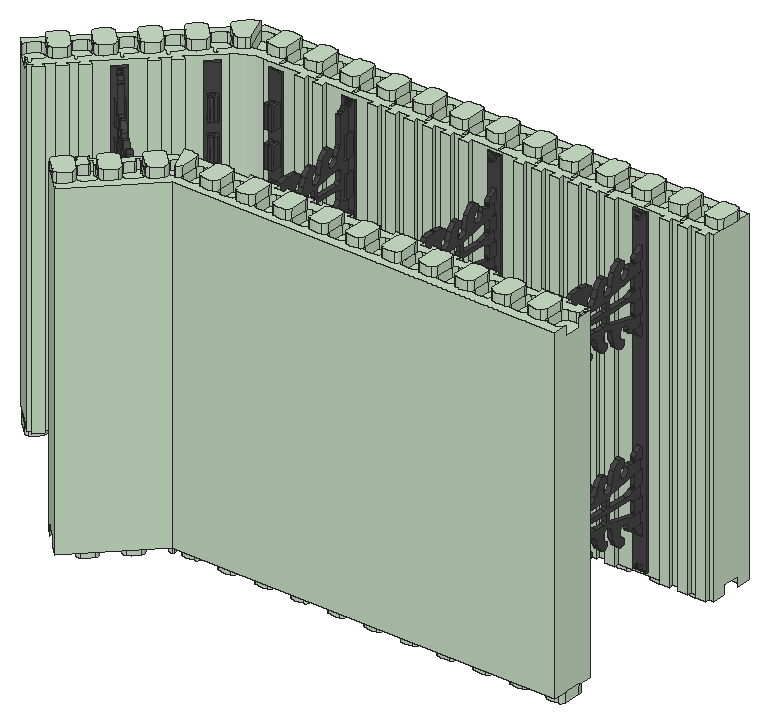
Revit family "ICF- NUDURA 8-inch- 45 Degree Form Unit- Imperial", category Generic Models, Revit 2011
Reference planes (in)
  plane 1 "Center (Front/Back)": y = 0
  plane 2: z = 0
  plane 3 "Center (Left/Right)": x = 0
  plane 4: y = 4
  plane 5: y = -4
  plane 6: through (-1.94975, 3.70711, 48) normal (0.7071, -0.7071, 0)
  plane 7: through (4.67464, 4.67464, 48) normal (0.7071, -0.7071, 0)
  plane 8: through (7.50307, 1.84621, 48) normal (0.7071, -0.7071, 0)
  plane 9: z = 18
Forms (in)
  Extrusion 1, solid, material "NUDURA Expanded Polystyrene Foam Insulation"
    sketch origin (0, 0, 0) x (1, 0, 0) y (0, 1, 0)
      loop
        line (-2.74416, 6.625) -> (-10.19068, -0.82151) -> (-8.5113, -2.50089) -> (-8.31249, -2.30208) -> (-8.17978, -2.52293) -> (-7.78216, -2.1253) -> (-8.00301, -1.9926) -> (-7.60538, -1.59497) -> (-7.47268, -1.81582) -> (-7.07505, -1.41819) -> (-7.2959, -1.28549) -> (-6.89827, -0.88786) -> (-6.76557, -1.10872) -> (-6.36794, -0.71109) -> (-6.58879, -0.57839) -> (-4.77695, 1.23346) -> (-4.64425, 1.0126) -> (-4.24662, 1.41023) -> (-4.46747, 1.54293) -> (-4.06985, 1.94056) -> (-3.93714, 1.71971) -> (-3.53952, 2.11734) -> (-3.76037, 2.25004) -> (-2.34619, 3.66421)
        arc (-2.34619, 3.66421) -> (-1.69735, 4.09776) -> (-0.93198, 4.25) r 2
        line (-0.93198, 4.25) -> (1.06796, 4.25) -> (1.00563, 4) -> (1.56796, 4) -> (1.50563, 4.25) -> (2.06796, 4.25) -> (2.00563, 4) -> (2.56796, 4) -> (2.50563, 4.25) -> (5.06796, 4.25) -> (5.00563, 4) -> (5.56796, 4) -> (5.50563, 4.25) -> (6.06796, 4.25) -> (6.00563, 4) -> (6.56796, 4) -> (6.50563, 4.25) -> (7.06796, 4.25) -> (7.00563, 4) -> (7.56796, 4) -> (7.50563, 4.25) -> (8.06796, 4.25) -> (8.00563, 4) -> (8.56796, 4) -> (8.50563, 4.25) -> (9.06796, 4.25) -> (9.00563, 4) -> (9.56796, 4) -> (9.50563, 4.25) -> (10.06796, 4.25) -> (10.00563, 4) -> (10.56796, 4) -> (10.50563, 4.25) -> (13.06796, 4.25) -> (13.00563, 4) -> (13.56796, 4) -> (13.50563, 4.25) -> (14.06796, 4.25) -> (14.00563, 4) -> (14.56796, 4) -> (14.50563, 4.25) -> (15.06796, 4.25) -> (15.00563, 4) -> (15.56796, 4) -> (15.50563, 4.25) -> (16.06796, 4.25) -> (16.00563, 4) -> (16.56796, 4) -> (16.50563, 4.25) -> (17.06796, 4.25) -> (17.00563, 4) -> (17.56796, 4) -> (17.50563, 4.25) -> (18.06796, 4.25) -> (18.00563, 4) -> (18.56796, 4) -> (18.50563, 4.25) -> (21.06796, 4.25) -> (21.00563, 4) -> (21.56796, 4) -> (21.50563, 4.25) -> (22.06796, 4.25) -> (22.00563, 4) -> (22.56796, 4) -> (22.50563, 4.25) -> (23.06796, 4.25) -> (23.00563, 4) -> (23.56796, 4) -> (23.50563, 4.25) -> (23.7868, 4.25) -> (23.7868, 6.625) -> (-2.74416, 6.625)
      loop
        line (23.7868, -4.25) -> (23.50563, -4.25) -> (23.56796, -4) -> (23.00563, -4) -> (23.06796, -4.25) -> (22.50563, -4.25) -> (22.56796, -4) -> (22.00563, -4) -> (22.06796, -4.25) -> (21.50563, -4.25) -> (21.56796, -4) -> (21.00563, -4) -> (21.06796, -4.25) -> (18.50563, -4.25) -> (18.56796, -4) -> (18.00563, -4) -> (18.06796, -4.25) -> (17.50563, -4.25) -> (17.56796, -4) -> (17.00563, -4) -> (17.06796, -4.25) -> (16.50563, -4.25) -> (16.56796, -4) -> (16.00563, -4) -> (16.06796, -4.25) -> (15.50563, -4.25) -> (15.56796, -4) -> (15.00563, -4) -> (15.06796, -4.25) -> (14.50563, -4.25) -> (14.56796, -4) -> (14.00563, -4) -> (14.06796, -4.25) -> (13.50563, -4.25) -> (13.56796, -4) -> (13.00563, -4) -> (13.06796, -4.25) -> (10.50563, -4.25) -> (10.56796, -4) -> (10.00563, -4) -> (10.06796, -4.25) -> (9.50563, -4.25) -> (9.56796, -4) -> (9.00563, -4) -> (9.06796, -4.25) -> (8.50563, -4.25) -> (8.56796, -4) -> (8.00563, -4) -> (8.06796, -4.25) -> (7.50563, -4.25) -> (7.56796, -4) -> (7.00563, -4) -> (7.06796, -4.25) -> (6.50563, -4.25) -> (6.56796, -4) -> (6.00563, -4) -> (6.06796, -4.25) -> (5.50563, -4.25) -> (5.56796, -4) -> (5.00563, -4) -> (5.06796, -4.25) -> (2.58883, -4.25)
        arc (2.58883, -4.25) -> (1.82347, -4.40224) -> (1.17462, -4.83579) r 2
        line (1.17462, -4.83579) -> (-0.57839, -6.58879) -> (-0.71109, -6.36794) -> (-1.10872, -6.76557) -> (-0.88786, -6.89827) -> (-1.28549, -7.2959) -> (-1.41819, -7.07505) -> (-1.81582, -7.47268) -> (-1.59497, -7.60538) -> (-1.9926, -8.00301) -> (-2.1253, -7.78216) -> (-2.52293, -8.17978) -> (-2.30208, -8.31249) -> (-2.50089, -8.5113) -> (-0.82151, -10.19068) -> (2.74416, -6.625) -> (23.7868, -6.625) -> (23.7868, -4.25)
    from 0 to 18
  Extrusion 2, solid, material "NUDURA Expanded Polystyrene Foam Insulation"
    sketch origin (-0.41421, -1, 0) x (1, 0, 0) y (0, 1, 0)
      loop
        line (2.70101, -3.6875) -> (2.35584, -3.6875) -> (2.96352, -5.15456)
        arc (2.96352, -5.15456) -> (2.99587, -5.14577) -> (3.02793, -5.13595) r 1.0625
        arc (3.02793, -5.13595) -> (3.15316, -5.04517) -> (3.20101, -4.89808) r 0.25
        line (3.20101, -4.89808) -> (3.20101, -3.97692)
        arc (3.20101, -3.97692) -> (3.15316, -3.82983) -> (3.02793, -3.73905) r 0.25
        arc (3.02793, -3.73905) -> (2.86649, -3.70047) -> (2.70101, -3.6875) r 1.0625
    from 18 to 18.5
  Extrusion 3, solid, material "NUDURA Expanded Polystyrene Foam Insulation"
    sketch origin (-0.41421, 1, 0) x (1, 0, 0) y (0, 1, 0)
      loop
        line (-1.52741, 3.6875) -> (-2.09947, 5.06856)
        arc (-2.09947, 5.06856) -> (-2.3696, 4.92417) -> (-2.60638, 4.72985) r 1.5625
        line (-2.60638, 4.72985) -> (-2.74959, 4.58664)
        arc (-2.74959, 4.58664) -> (-2.85744, 4.46046) -> (-2.94431, 4.31902) r 1.0625
        arc (-2.94431, 4.31902) -> (-2.96867, 4.16628) -> (-2.8985, 4.02844) r 0.25
        line (-2.8985, 4.02844) -> (-2.24713, 3.37708)
        arc (-2.24713, 3.37708) -> (-2.10929, 3.3069) -> (-1.95655, 3.33126) r 0.25
        arc (-1.95655, 3.33126) -> (-1.81511, 3.41814) -> (-1.68893, 3.52598) r 1.0625
        line (-1.68893, 3.52598) -> (-1.52741, 3.6875)
    from 18 to 18.5
  Extrusion 4, solid, material "NUDURA Expanded Polystyrene Foam Insulation"
    sketch origin (-0.41421, 1, 0) x (1, 0, 0) y (0, 1, 0)
      loop
        line (-1.52741, 3.6875) -> (-1.29899, 3.6875)
        arc (-1.29899, 3.6875) -> (-1.13351, 3.70047) -> (-0.97207, 3.73905) r 1.0625
        arc (-0.97207, 3.73905) -> (-0.84684, 3.82983) -> (-0.79899, 3.97692) r 0.25
        line (-0.79899, 3.97692) -> (-0.79899, 4.89808)
        arc (-0.79899, 4.89808) -> (-0.84684, 5.04517) -> (-0.97207, 5.13595) r 0.25
        arc (-0.97207, 5.13595) -> (-1.13351, 5.17453) -> (-1.29899, 5.1875) r 1.0625
        line (-1.29899, 5.1875) -> (-1.50152, 5.1875)
        arc (-1.50152, 5.1875) -> (-1.80635, 5.15748) -> (-2.09947, 5.06856) r 1.5625
        line (-2.09947, 5.06856) -> (-1.52741, 3.6875)
    from 0 to -0.5
  Extrusion 5, solid, material "NUDURA Expanded Polystyrene Foam Insulation"
    sketch origin (1, -0.41421, 0) x (1, 0, 0) y (0, 1, 0)
      loop
        line (0.54865, -5.07556) -> (1.20001, -5.72692)
        arc (1.20001, -5.72692) -> (1.33785, -5.7971) -> (1.4906, -5.77274) r 0.25
        arc (1.4906, -5.77274) -> (1.5202, -5.75701) -> (1.5493, -5.74035) r 1.0625
        line (1.5493, -5.74035) -> (0.94163, -4.27329) -> (0.69755, -4.51736)
        arc (0.69755, -4.51736) -> (0.58971, -4.64354) -> (0.50283, -4.78498) r 1.0625
        arc (0.50283, -4.78498) -> (0.47848, -4.93772) -> (0.54865, -5.07556) r 0.25
    from 0 to -0.5
  Extrusion 6, void
    sketch origin (1, -0.41421, 0) x (1, 0, 0) y (0, 1, 0)
      loop
        arc (-1.33783, -8.60117) -> (-1.07021, -8.40645) -> (-0.87549, -8.13883) r 1.0625
        arc (-0.87549, -8.13883) -> (-0.85114, -7.98608) -> (-0.92131, -7.84824) r 0.25
        line (-0.92131, -7.84824) -> (-1.57267, -7.19688)
        arc (-1.57267, -7.19688) -> (-1.64938, -7.14456) -> (-1.7399, -7.12384) r 0.25
        arc (-1.7399, -7.12384) -> (-1.76253, -7.11866) -> (-1.78171, -7.10558) r 0.0625
        line (-1.78171, -7.10558) -> (-2.02643, -6.86086) -> (-2.14723, -6.98165) -> (-1.99053, -7.13835)
        arc (-1.99053, -7.13835) -> (-1.97244, -7.18765) -> (-1.99833, -7.23335) r 0.0625
        arc (-1.99833, -7.23335) -> (-2.18471, -7.40379) -> (-2.32559, -7.6134) r 1.0625
        arc (-2.32559, -7.6134) -> (-2.34995, -7.76615) -> (-2.27978, -7.90399) r 0.25
        line (-2.27978, -7.90399) -> (-1.62842, -8.55535)
        arc (-1.62842, -8.55535) -> (-1.49058, -8.62552) -> (-1.33783, -8.60117) r 0.25
    from 18 to 17.5
  Extrusion 7, void
    sketch origin (2.41421, 1, 0) x (1, 0, 0) y (0, 1, 0)
      loop
        arc (-1.33783, -8.60117) -> (-1.07021, -8.40645) -> (-0.87549, -8.13883) r 1.0625
        arc (-0.87549, -8.13883) -> (-0.85114, -7.98608) -> (-0.92131, -7.84824) r 0.25
        line (-0.92131, -7.84824) -> (-1.57267, -7.19688)
        arc (-1.57267, -7.19688) -> (-1.64938, -7.14456) -> (-1.7399, -7.12384) r 0.25
        arc (-1.7399, -7.12384) -> (-1.76253, -7.11866) -> (-1.78171, -7.10558) r 0.0625
        line (-1.78171, -7.10558) -> (-2.02643, -6.86086) -> (-2.14723, -6.98165) -> (-1.99053, -7.13835)
        arc (-1.99053, -7.13835) -> (-1.97244, -7.18765) -> (-1.99833, -7.23335) r 0.0625
        arc (-1.99833, -7.23335) -> (-2.18471, -7.40379) -> (-2.32559, -7.6134) r 1.0625
        arc (-2.32559, -7.6134) -> (-2.34995, -7.76615) -> (-2.27978, -7.90399) r 0.25
        line (-2.27978, -7.90399) -> (-1.62842, -8.55535)
        arc (-1.62842, -8.55535) -> (-1.49058, -8.62552) -> (-1.33783, -8.60117) r 0.25
    from 18 to 17.5
  Extrusion 8, void
    sketch origin (9.98781, -1, 0) x (0.707107, -0.707107, 0) y (0.707107, 0.707107, 0)
      loop
        arc (-1.33783, -8.60117) -> (-1.07021, -8.40645) -> (-0.87549, -8.13883) r 1.0625
        arc (-0.87549, -8.13883) -> (-0.85114, -7.98608) -> (-0.92131, -7.84824) r 0.25
        line (-0.92131, -7.84824) -> (-1.57267, -7.19688)
        arc (-1.57267, -7.19688) -> (-1.64938, -7.14456) -> (-1.7399, -7.12384) r 0.25
        arc (-1.7399, -7.12384) -> (-1.76253, -7.11866) -> (-1.78171, -7.10558) r 0.0625
        line (-1.78171, -7.10558) -> (-2.02643, -6.86086) -> (-2.14723, -6.98165) -> (-1.99053, -7.13835)
        arc (-1.99053, -7.13835) -> (-1.97244, -7.18765) -> (-1.99833, -7.23335) r 0.0625
        arc (-1.99833, -7.23335) -> (-2.18471, -7.40379) -> (-2.32559, -7.6134) r 1.0625
        arc (-2.32559, -7.6134) -> (-2.34995, -7.76615) -> (-2.27978, -7.90399) r 0.25
        line (-2.27978, -7.90399) -> (-1.62842, -8.55535)
        arc (-1.62842, -8.55535) -> (-1.49058, -8.62552) -> (-1.33783, -8.60117) r 0.25
    from 18 to 17.5
  Extrusion 9, void
    sketch origin (11.98781, -1, 0) x (0.707107, -0.707107, 0) y (0.707107, 0.707107, 0)
      loop
        arc (-1.33783, -8.60117) -> (-1.07021, -8.40645) -> (-0.87549, -8.13883) r 1.0625
        arc (-0.87549, -8.13883) -> (-0.85114, -7.98608) -> (-0.92131, -7.84824) r 0.25
        line (-0.92131, -7.84824) -> (-1.57267, -7.19688)
        arc (-1.57267, -7.19688) -> (-1.64938, -7.14456) -> (-1.7399, -7.12384) r 0.25
        arc (-1.7399, -7.12384) -> (-1.76253, -7.11866) -> (-1.78171, -7.10558) r 0.0625
        line (-1.78171, -7.10558) -> (-2.02643, -6.86086) -> (-2.14723, -6.98165) -> (-1.99053, -7.13835)
        arc (-1.99053, -7.13835) -> (-1.97244, -7.18765) -> (-1.99833, -7.23335) r 0.0625
        arc (-1.99833, -7.23335) -> (-2.18471, -7.40379) -> (-2.32559, -7.6134) r 1.0625
        arc (-2.32559, -7.6134) -> (-2.34995, -7.76615) -> (-2.27978, -7.90399) r 0.25
        line (-2.27978, -7.90399) -> (-1.62842, -8.55535)
        arc (-1.62842, -8.55535) -> (-1.49058, -8.62552) -> (-1.33783, -8.60117) r 0.25
    from 18 to 17.5
  Extrusion 10, void
    sketch origin (13.98781, -1, 0) x (0.707107, -0.707107, 0) y (0.707107, 0.707107, 0)
      loop
        arc (-1.33783, -8.60117) -> (-1.07021, -8.40645) -> (-0.87549, -8.13883) r 1.0625
        arc (-0.87549, -8.13883) -> (-0.85114, -7.98608) -> (-0.92131, -7.84824) r 0.25
        line (-0.92131, -7.84824) -> (-1.57267, -7.19688)
        arc (-1.57267, -7.19688) -> (-1.64938, -7.14456) -> (-1.7399, -7.12384) r 0.25
        arc (-1.7399, -7.12384) -> (-1.76253, -7.11866) -> (-1.78171, -7.10558) r 0.0625
        line (-1.78171, -7.10558) -> (-2.02643, -6.86086) -> (-2.14723, -6.98165) -> (-1.99053, -7.13835)
        arc (-1.99053, -7.13835) -> (-1.97244, -7.18765) -> (-1.99833, -7.23335) r 0.0625
        arc (-1.99833, -7.23335) -> (-2.18471, -7.40379) -> (-2.32559, -7.6134) r 1.0625
        arc (-2.32559, -7.6134) -> (-2.34995, -7.76615) -> (-2.27978, -7.90399) r 0.25
        line (-2.27978, -7.90399) -> (-1.62842, -8.55535)
        arc (-1.62842, -8.55535) -> (-1.49058, -8.62552) -> (-1.33783, -8.60117) r 0.25
    from 18 to 17.5
  Extrusion 11, void
    sketch origin (15.98781, -1, 0) x (0.707107, -0.707107, 0) y (0.707107, 0.707107, 0)
      loop
        arc (-1.33783, -8.60117) -> (-1.07021, -8.40645) -> (-0.87549, -8.13883) r 1.0625
        arc (-0.87549, -8.13883) -> (-0.85114, -7.98608) -> (-0.92131, -7.84824) r 0.25
        line (-0.92131, -7.84824) -> (-1.57267, -7.19688)
        arc (-1.57267, -7.19688) -> (-1.64938, -7.14456) -> (-1.7399, -7.12384) r 0.25
        arc (-1.7399, -7.12384) -> (-1.76253, -7.11866) -> (-1.78171, -7.10558) r 0.0625
        line (-1.78171, -7.10558) -> (-2.02643, -6.86086) -> (-2.14723, -6.98165) -> (-1.99053, -7.13835)
        arc (-1.99053, -7.13835) -> (-1.97244, -7.18765) -> (-1.99833, -7.23335) r 0.0625
        arc (-1.99833, -7.23335) -> (-2.18471, -7.40379) -> (-2.32559, -7.6134) r 1.0625
        arc (-2.32559, -7.6134) -> (-2.34995, -7.76615) -> (-2.27978, -7.90399) r 0.25
        line (-2.27978, -7.90399) -> (-1.62842, -8.55535)
        arc (-1.62842, -8.55535) -> (-1.49058, -8.62552) -> (-1.33783, -8.60117) r 0.25
    from 18 to 17.5
  Extrusion 12, void
    sketch origin (17.98781, -1, 0) x (0.707107, -0.707107, 0) y (0.707107, 0.707107, 0)
      loop
        arc (-1.33783, -8.60117) -> (-1.07021, -8.40645) -> (-0.87549, -8.13883) r 1.0625
        arc (-0.87549, -8.13883) -> (-0.85114, -7.98608) -> (-0.92131, -7.84824) r 0.25
        line (-0.92131, -7.84824) -> (-1.57267, -7.19688)
        arc (-1.57267, -7.19688) -> (-1.64938, -7.14456) -> (-1.7399, -7.12384) r 0.25
        arc (-1.7399, -7.12384) -> (-1.76253, -7.11866) -> (-1.78171, -7.10558) r 0.0625
        line (-1.78171, -7.10558) -> (-2.02643, -6.86086) -> (-2.14723, -6.98165) -> (-1.99053, -7.13835)
        arc (-1.99053, -7.13835) -> (-1.97244, -7.18765) -> (-1.99833, -7.23335) r 0.0625
        arc (-1.99833, -7.23335) -> (-2.18471, -7.40379) -> (-2.32559, -7.6134) r 1.0625
        arc (-2.32559, -7.6134) -> (-2.34995, -7.76615) -> (-2.27978, -7.90399) r 0.25
        line (-2.27978, -7.90399) -> (-1.62842, -8.55535)
        arc (-1.62842, -8.55535) -> (-1.49058, -8.62552) -> (-1.33783, -8.60117) r 0.25
    from 18 to 17.5
  Extrusion 13, void
    sketch origin (19.98781, -1, 0) x (0.707107, -0.707107, 0) y (0.707107, 0.707107, 0)
      loop
        arc (-1.33783, -8.60117) -> (-1.07021, -8.40645) -> (-0.87549, -8.13883) r 1.0625
        arc (-0.87549, -8.13883) -> (-0.85114, -7.98608) -> (-0.92131, -7.84824) r 0.25
        line (-0.92131, -7.84824) -> (-1.57267, -7.19688)
        arc (-1.57267, -7.19688) -> (-1.64938, -7.14456) -> (-1.7399, -7.12384) r 0.25
        arc (-1.7399, -7.12384) -> (-1.76253, -7.11866) -> (-1.78171, -7.10558) r 0.0625
        line (-1.78171, -7.10558) -> (-2.02643, -6.86086) -> (-2.14723, -6.98165) -> (-1.99053, -7.13835)
        arc (-1.99053, -7.13835) -> (-1.97244, -7.18765) -> (-1.99833, -7.23335) r 0.0625
        arc (-1.99833, -7.23335) -> (-2.18471, -7.40379) -> (-2.32559, -7.6134) r 1.0625
        arc (-2.32559, -7.6134) -> (-2.34995, -7.76615) -> (-2.27978, -7.90399) r 0.25
        line (-2.27978, -7.90399) -> (-1.62842, -8.55535)
        arc (-1.62842, -8.55535) -> (-1.49058, -8.62552) -> (-1.33783, -8.60117) r 0.25
    from 18 to 17.5
  Extrusion 14, void
    sketch origin (21.98781, -1, 0) x (0.707107, -0.707107, 0) y (0.707107, 0.707107, 0)
      loop
        arc (-1.33783, -8.60117) -> (-1.07021, -8.40645) -> (-0.87549, -8.13883) r 1.0625
        arc (-0.87549, -8.13883) -> (-0.85114, -7.98608) -> (-0.92131, -7.84824) r 0.25
        line (-0.92131, -7.84824) -> (-1.57267, -7.19688)
        arc (-1.57267, -7.19688) -> (-1.64938, -7.14456) -> (-1.7399, -7.12384) r 0.25
        arc (-1.7399, -7.12384) -> (-1.76253, -7.11866) -> (-1.78171, -7.10558) r 0.0625
        line (-1.78171, -7.10558) -> (-2.02643, -6.86086) -> (-2.14723, -6.98165) -> (-1.99053, -7.13835)
        arc (-1.99053, -7.13835) -> (-1.97244, -7.18765) -> (-1.99833, -7.23335) r 0.0625
        arc (-1.99833, -7.23335) -> (-2.18471, -7.40379) -> (-2.32559, -7.6134) r 1.0625
        arc (-2.32559, -7.6134) -> (-2.34995, -7.76615) -> (-2.27978, -7.90399) r 0.25
        line (-2.27978, -7.90399) -> (-1.62842, -8.55535)
        arc (-1.62842, -8.55535) -> (-1.49058, -8.62552) -> (-1.33783, -8.60117) r 0.25
    from 18 to 17.5
  Extrusion 15, void
    sketch origin (23.98781, -1, 0) x (0.707107, -0.707107, 0) y (0.707107, 0.707107, 0)
      loop
        arc (-1.33783, -8.60117) -> (-1.07021, -8.40645) -> (-0.87549, -8.13883) r 1.0625
        arc (-0.87549, -8.13883) -> (-0.85114, -7.98608) -> (-0.92131, -7.84824) r 0.25
        line (-0.92131, -7.84824) -> (-1.57267, -7.19688)
        arc (-1.57267, -7.19688) -> (-1.64938, -7.14456) -> (-1.7399, -7.12384) r 0.25
        arc (-1.7399, -7.12384) -> (-1.76253, -7.11866) -> (-1.78171, -7.10558) r 0.0625
        line (-1.78171, -7.10558) -> (-2.02643, -6.86086) -> (-2.14723, -6.98165) -> (-1.99053, -7.13835)
        arc (-1.99053, -7.13835) -> (-1.97244, -7.18765) -> (-1.99833, -7.23335) r 0.0625
        arc (-1.99833, -7.23335) -> (-2.18471, -7.40379) -> (-2.32559, -7.6134) r 1.0625
        arc (-2.32559, -7.6134) -> (-2.34995, -7.76615) -> (-2.27978, -7.90399) r 0.25
        line (-2.27978, -7.90399) -> (-1.62842, -8.55535)
        arc (-1.62842, -8.55535) -> (-1.49058, -8.62552) -> (-1.33783, -8.60117) r 0.25
    from 18 to 17.5
  Extrusion 16, void
    sketch origin (25.98781, -1, 0) x (0.707107, -0.707107, 0) y (0.707107, 0.707107, 0)
      loop
        arc (-1.33783, -8.60117) -> (-1.07021, -8.40645) -> (-0.87549, -8.13883) r 1.0625
        arc (-0.87549, -8.13883) -> (-0.85114, -7.98608) -> (-0.92131, -7.84824) r 0.25
        line (-0.92131, -7.84824) -> (-1.57267, -7.19688)
        arc (-1.57267, -7.19688) -> (-1.64938, -7.14456) -> (-1.7399, -7.12384) r 0.25
        arc (-1.7399, -7.12384) -> (-1.76253, -7.11866) -> (-1.78171, -7.10558) r 0.0625
        line (-1.78171, -7.10558) -> (-2.02643, -6.86086) -> (-2.14723, -6.98165) -> (-1.99053, -7.13835)
        arc (-1.99053, -7.13835) -> (-1.97244, -7.18765) -> (-1.99833, -7.23335) r 0.0625
        arc (-1.99833, -7.23335) -> (-2.18471, -7.40379) -> (-2.32559, -7.6134) r 1.0625
        arc (-2.32559, -7.6134) -> (-2.34995, -7.76615) -> (-2.27978, -7.90399) r 0.25
        line (-2.27978, -7.90399) -> (-1.62842, -8.55535)
        arc (-1.62842, -8.55535) -> (-1.49058, -8.62552) -> (-1.33783, -8.60117) r 0.25
    from 18 to 17.5
  Extrusion 17, void
    sketch origin (27.98781, -1, 0) x (0.707107, -0.707107, 0) y (0.707107, 0.707107, 0)
      loop
        arc (-1.33783, -8.60117) -> (-1.07021, -8.40645) -> (-0.87549, -8.13883) r 1.0625
        arc (-0.87549, -8.13883) -> (-0.85114, -7.98608) -> (-0.92131, -7.84824) r 0.25
        line (-0.92131, -7.84824) -> (-1.57267, -7.19688)
        arc (-1.57267, -7.19688) -> (-1.64938, -7.14456) -> (-1.7399, -7.12384) r 0.25
        arc (-1.7399, -7.12384) -> (-1.76253, -7.11866) -> (-1.78171, -7.10558) r 0.0625
        line (-1.78171, -7.10558) -> (-2.02643, -6.86086) -> (-2.14723, -6.98165) -> (-1.99053, -7.13835)
        arc (-1.99053, -7.13835) -> (-1.97244, -7.18765) -> (-1.99833, -7.23335) r 0.0625
        arc (-1.99833, -7.23335) -> (-2.18471, -7.40379) -> (-2.32559, -7.6134) r 1.0625
        arc (-2.32559, -7.6134) -> (-2.34995, -7.76615) -> (-2.27978, -7.90399) r 0.25
        line (-2.27978, -7.90399) -> (-1.62842, -8.55535)
        arc (-1.62842, -8.55535) -> (-1.49058, -8.62552) -> (-1.33783, -8.60117) r 0.25
    from 18 to 17.5
  Extrusion 18, void
    sketch origin (29.98781, -1, 0) x (0.707107, -0.707107, 0) y (0.707107, 0.707107, 0)
      loop
        arc (-1.33783, -8.60117) -> (-1.07021, -8.40645) -> (-0.87549, -8.13883) r 1.0625
        arc (-0.87549, -8.13883) -> (-0.85114, -7.98608) -> (-0.92131, -7.84824) r 0.25
        line (-0.92131, -7.84824) -> (-1.57267, -7.19688)
        arc (-1.57267, -7.19688) -> (-1.64938, -7.14456) -> (-1.7399, -7.12384) r 0.25
        arc (-1.7399, -7.12384) -> (-1.76253, -7.11866) -> (-1.78171, -7.10558) r 0.0625
        line (-1.78171, -7.10558) -> (-2.02643, -6.86086) -> (-2.14723, -6.98165) -> (-1.99053, -7.13835)
        arc (-1.99053, -7.13835) -> (-1.97244, -7.18765) -> (-1.99833, -7.23335) r 0.0625
        arc (-1.99833, -7.23335) -> (-2.18471, -7.40379) -> (-2.32559, -7.6134) r 1.0625
        arc (-2.32559, -7.6134) -> (-2.34995, -7.76615) -> (-2.27978, -7.90399) r 0.25
        line (-2.27978, -7.90399) -> (-1.62842, -8.55535)
        arc (-1.62842, -8.55535) -> (-1.49058, -8.62552) -> (-1.33783, -8.60117) r 0.25
    from 18 to 17.5
  Extrusion 19, void
    sketch origin (13.58579, 1, 0) x (-0.707107, 0.707107, 0) y (-0.707107, -0.707107, 0)
      loop
        arc (-1.33783, -8.60117) -> (-1.07021, -8.40645) -> (-0.87549, -8.13883) r 1.0625
        arc (-0.87549, -8.13883) -> (-0.85114, -7.98608) -> (-0.92131, -7.84824) r 0.25
        line (-0.92131, -7.84824) -> (-1.57267, -7.19688)
        arc (-1.57267, -7.19688) -> (-1.64938, -7.14456) -> (-1.7399, -7.12384) r 0.25
        arc (-1.7399, -7.12384) -> (-1.76253, -7.11866) -> (-1.78171, -7.10558) r 0.0625
        line (-1.78171, -7.10558) -> (-2.02643, -6.86086) -> (-2.14723, -6.98165) -> (-1.99053, -7.13835)
        arc (-1.99053, -7.13835) -> (-1.97244, -7.18765) -> (-1.99833, -7.23335) r 0.0625
        arc (-1.99833, -7.23335) -> (-2.18471, -7.40379) -> (-2.32559, -7.6134) r 1.0625
        arc (-2.32559, -7.6134) -> (-2.34995, -7.76615) -> (-2.27978, -7.90399) r 0.25
        line (-2.27978, -7.90399) -> (-1.62842, -8.55535)
        arc (-1.62842, -8.55535) -> (-1.49058, -8.62552) -> (-1.33783, -8.60117) r 0.25
    from 18 to 17.5
  Extrusion 20, void
    sketch origin (15.58579, 1, 0) x (-0.707107, 0.707107, 0) y (-0.707107, -0.707107, 0)
      loop
        arc (-1.33783, -8.60117) -> (-1.07021, -8.40645) -> (-0.87549, -8.13883) r 1.0625
        arc (-0.87549, -8.13883) -> (-0.85114, -7.98608) -> (-0.92131, -7.84824) r 0.25
        line (-0.92131, -7.84824) -> (-1.57267, -7.19688)
        arc (-1.57267, -7.19688) -> (-1.64938, -7.14456) -> (-1.7399, -7.12384) r 0.25
        arc (-1.7399, -7.12384) -> (-1.76253, -7.11866) -> (-1.78171, -7.10558) r 0.0625
        line (-1.78171, -7.10558) -> (-2.02643, -6.86086) -> (-2.14723, -6.98165) -> (-1.99053, -7.13835)
        arc (-1.99053, -7.13835) -> (-1.97244, -7.18765) -> (-1.99833, -7.23335) r 0.0625
        arc (-1.99833, -7.23335) -> (-2.18471, -7.40379) -> (-2.32559, -7.6134) r 1.0625
        arc (-2.32559, -7.6134) -> (-2.34995, -7.76615) -> (-2.27978, -7.90399) r 0.25
        line (-2.27978, -7.90399) -> (-1.62842, -8.55535)
        arc (-1.62842, -8.55535) -> (-1.49058, -8.62552) -> (-1.33783, -8.60117) r 0.25
    from 18 to 17.5
  Extrusion 21, void
    sketch origin (11.58579, 1, 0) x (-0.707107, 0.707107, 0) y (-0.707107, -0.707107, 0)
      loop
        arc (-1.33783, -8.60117) -> (-1.07021, -8.40645) -> (-0.87549, -8.13883) r 1.0625
        arc (-0.87549, -8.13883) -> (-0.85114, -7.98608) -> (-0.92131, -7.84824) r 0.25
        line (-0.92131, -7.84824) -> (-1.57267, -7.19688)
        arc (-1.57267, -7.19688) -> (-1.64938, -7.14456) -> (-1.7399, -7.12384) r 0.25
        arc (-1.7399, -7.12384) -> (-1.76253, -7.11866) -> (-1.78171, -7.10558) r 0.0625
        line (-1.78171, -7.10558) -> (-2.02643, -6.86086) -> (-2.14723, -6.98165) -> (-1.99053, -7.13835)
        arc (-1.99053, -7.13835) -> (-1.97244, -7.18765) -> (-1.99833, -7.23335) r 0.0625
        arc (-1.99833, -7.23335) -> (-2.18471, -7.40379) -> (-2.32559, -7.6134) r 1.0625
        arc (-2.32559, -7.6134) -> (-2.34995, -7.76615) -> (-2.27978, -7.90399) r 0.25
        line (-2.27978, -7.90399) -> (-1.62842, -8.55535)
        arc (-1.62842, -8.55535) -> (-1.49058, -8.62552) -> (-1.33783, -8.60117) r 0.25
    from 18 to 17.5
  Extrusion 22, void
    sketch origin (9.58579, 1, 0) x (-0.707107, 0.707107, 0) y (-0.707107, -0.707107, 0)
      loop
        arc (-1.33783, -8.60117) -> (-1.07021, -8.40645) -> (-0.87549, -8.13883) r 1.0625
        arc (-0.87549, -8.13883) -> (-0.85114, -7.98608) -> (-0.92131, -7.84824) r 0.25
        line (-0.92131, -7.84824) -> (-1.57267, -7.19688)
        arc (-1.57267, -7.19688) -> (-1.64938, -7.14456) -> (-1.7399, -7.12384) r 0.25
        arc (-1.7399, -7.12384) -> (-1.76253, -7.11866) -> (-1.78171, -7.10558) r 0.0625
        line (-1.78171, -7.10558) -> (-2.02643, -6.86086) -> (-2.14723, -6.98165) -> (-1.99053, -7.13835)
        arc (-1.99053, -7.13835) -> (-1.97244, -7.18765) -> (-1.99833, -7.23335) r 0.0625
        arc (-1.99833, -7.23335) -> (-2.18471, -7.40379) -> (-2.32559, -7.6134) r 1.0625
        arc (-2.32559, -7.6134) -> (-2.34995, -7.76615) -> (-2.27978, -7.90399) r 0.25
        line (-2.27978, -7.90399) -> (-1.62842, -8.55535)
        arc (-1.62842, -8.55535) -> (-1.49058, -8.62552) -> (-1.33783, -8.60117) r 0.25
    from 18 to 17.5
  Extrusion 23, void
    sketch origin (7.58579, 1, 0) x (-0.707107, 0.707107, 0) y (-0.707107, -0.707107, 0)
      loop
        arc (-1.33783, -8.60117) -> (-1.07021, -8.40645) -> (-0.87549, -8.13883) r 1.0625
        arc (-0.87549, -8.13883) -> (-0.85114, -7.98608) -> (-0.92131, -7.84824) r 0.25
        line (-0.92131, -7.84824) -> (-1.57267, -7.19688)
        arc (-1.57267, -7.19688) -> (-1.64938, -7.14456) -> (-1.7399, -7.12384) r 0.25
        arc (-1.7399, -7.12384) -> (-1.76253, -7.11866) -> (-1.78171, -7.10558) r 0.0625
        line (-1.78171, -7.10558) -> (-2.02643, -6.86086) -> (-2.14723, -6.98165) -> (-1.99053, -7.13835)
        arc (-1.99053, -7.13835) -> (-1.97244, -7.18765) -> (-1.99833, -7.23335) r 0.0625
        arc (-1.99833, -7.23335) -> (-2.18471, -7.40379) -> (-2.32559, -7.6134) r 1.0625
        arc (-2.32559, -7.6134) -> (-2.34995, -7.76615) -> (-2.27978, -7.90399) r 0.25
        line (-2.27978, -7.90399) -> (-1.62842, -8.55535)
        arc (-1.62842, -8.55535) -> (-1.49058, -8.62552) -> (-1.33783, -8.60117) r 0.25
    from 18 to 17.5
  Extrusion 24, void
    sketch origin (5.58579, 1, 0) x (-0.707107, 0.707107, 0) y (-0.707107, -0.707107, 0)
      loop
        arc (-1.33783, -8.60117) -> (-1.07021, -8.40645) -> (-0.87549, -8.13883) r 1.0625
        arc (-0.87549, -8.13883) -> (-0.85114, -7.98608) -> (-0.92131, -7.84824) r 0.25
        line (-0.92131, -7.84824) -> (-1.57267, -7.19688)
        arc (-1.57267, -7.19688) -> (-1.64938, -7.14456) -> (-1.7399, -7.12384) r 0.25
        arc (-1.7399, -7.12384) -> (-1.76253, -7.11866) -> (-1.78171, -7.10558) r 0.0625
        line (-1.78171, -7.10558) -> (-2.02643, -6.86086) -> (-2.14723, -6.98165) -> (-1.99053, -7.13835)
        arc (-1.99053, -7.13835) -> (-1.97244, -7.18765) -> (-1.99833, -7.23335) r 0.0625
        arc (-1.99833, -7.23335) -> (-2.18471, -7.40379) -> (-2.32559, -7.6134) r 1.0625
        arc (-2.32559, -7.6134) -> (-2.34995, -7.76615) -> (-2.27978, -7.90399) r 0.25
        line (-2.27978, -7.90399) -> (-1.62842, -8.55535)
        arc (-1.62842, -8.55535) -> (-1.49058, -8.62552) -> (-1.33783, -8.60117) r 0.25
    from 18 to 17.5
  Extrusion 25, void
    sketch origin (3.58579, 1, 0) x (-0.707107, 0.707107, 0) y (-0.707107, -0.707107, 0)
      loop
        arc (-1.33783, -8.60117) -> (-1.07021, -8.40645) -> (-0.87549, -8.13883) r 1.0625
        arc (-0.87549, -8.13883) -> (-0.85114, -7.98608) -> (-0.92131, -7.84824) r 0.25
        line (-0.92131, -7.84824) -> (-1.57267, -7.19688)
        arc (-1.57267, -7.19688) -> (-1.64938, -7.14456) -> (-1.7399, -7.12384) r 0.25
        arc (-1.7399, -7.12384) -> (-1.76253, -7.11866) -> (-1.78171, -7.10558) r 0.0625
        line (-1.78171, -7.10558) -> (-2.02643, -6.86086) -> (-2.14723, -6.98165) -> (-1.99053, -7.13835)
        arc (-1.99053, -7.13835) -> (-1.97244, -7.18765) -> (-1.99833, -7.23335) r 0.0625
        arc (-1.99833, -7.23335) -> (-2.18471, -7.40379) -> (-2.32559, -7.6134) r 1.0625
        arc (-2.32559, -7.6134) -> (-2.34995, -7.76615) -> (-2.27978, -7.90399) r 0.25
        line (-2.27978, -7.90399) -> (-1.62842, -8.55535)
        arc (-1.62842, -8.55535) -> (-1.49058, -8.62552) -> (-1.33783, -8.60117) r 0.25
    from 18 to 17.5
  Extrusion 26, void
    sketch origin (1.58579, 1, 0) x (-0.707107, 0.707107, 0) y (-0.707107, -0.707107, 0)
      loop
        arc (-1.33783, -8.60117) -> (-1.07021, -8.40645) -> (-0.87549, -8.13883) r 1.0625
        arc (-0.87549, -8.13883) -> (-0.85114, -7.98608) -> (-0.92131, -7.84824) r 0.25
        line (-0.92131, -7.84824) -> (-1.57267, -7.19688)
        arc (-1.57267, -7.19688) -> (-1.64938, -7.14456) -> (-1.7399, -7.12384) r 0.25
        arc (-1.7399, -7.12384) -> (-1.76253, -7.11866) -> (-1.78171, -7.10558) r 0.0625
        line (-1.78171, -7.10558) -> (-2.02643, -6.86086) -> (-2.14723, -6.98165) -> (-1.99053, -7.13835)
        arc (-1.99053, -7.13835) -> (-1.97244, -7.18765) -> (-1.99833, -7.23335) r 0.0625
        arc (-1.99833, -7.23335) -> (-2.18471, -7.40379) -> (-2.32559, -7.6134) r 1.0625
        arc (-2.32559, -7.6134) -> (-2.34995, -7.76615) -> (-2.27978, -7.90399) r 0.25
        line (-2.27978, -7.90399) -> (-1.62842, -8.55535)
        arc (-1.62842, -8.55535) -> (-1.49058, -8.62552) -> (-1.33783, -8.60117) r 0.25
    from 18 to 17.5
  Extrusion 27, void
    sketch origin (-0.41421, 1, 0) x (-0.707107, 0.707107, 0) y (-0.707107, -0.707107, 0)
      loop
        arc (-1.33783, -8.60117) -> (-1.07021, -8.40645) -> (-0.87549, -8.13883) r 1.0625
        arc (-0.87549, -8.13883) -> (-0.85114, -7.98608) -> (-0.92131, -7.84824) r 0.25
        line (-0.92131, -7.84824) -> (-1.57267, -7.19688)
        arc (-1.57267, -7.19688) -> (-1.64938, -7.14456) -> (-1.7399, -7.12384) r 0.25
        arc (-1.7399, -7.12384) -> (-1.76253, -7.11866) -> (-1.78171, -7.10558) r 0.0625
        line (-1.78171, -7.10558) -> (-2.02643, -6.86086) -> (-2.14723, -6.98165) -> (-1.99053, -7.13835)
        arc (-1.99053, -7.13835) -> (-1.97244, -7.18765) -> (-1.99833, -7.23335) r 0.0625
        arc (-1.99833, -7.23335) -> (-2.18471, -7.40379) -> (-2.32559, -7.6134) r 1.0625
        arc (-2.32559, -7.6134) -> (-2.34995, -7.76615) -> (-2.27978, -7.90399) r 0.25
        line (-2.27978, -7.90399) -> (-1.62842, -8.55535)
        arc (-1.62842, -8.55535) -> (-1.49058, -8.62552) -> (-1.33783, -8.60117) r 0.25
    from 18 to 17.5
  Extrusion 28, void
    sketch origin (-2.41421, 1, 0) x (-0.707107, 0.707107, 0) y (-0.707107, -0.707107, 0)
      loop
        arc (-1.33783, -8.60117) -> (-1.07021, -8.40645) -> (-0.87549, -8.13883) r 1.0625
        arc (-0.87549, -8.13883) -> (-0.85114, -7.98608) -> (-0.92131, -7.84824) r 0.25
        line (-0.92131, -7.84824) -> (-1.57267, -7.19688)
        arc (-1.57267, -7.19688) -> (-1.64938, -7.14456) -> (-1.7399, -7.12384) r 0.25
        arc (-1.7399, -7.12384) -> (-1.76253, -7.11866) -> (-1.78171, -7.10558) r 0.0625
        line (-1.78171, -7.10558) -> (-2.02643, -6.86086) -> (-2.14723, -6.98165) -> (-1.99053, -7.13835)
        arc (-1.99053, -7.13835) -> (-1.97244, -7.18765) -> (-1.99833, -7.23335) r 0.0625
        arc (-1.99833, -7.23335) -> (-2.18471, -7.40379) -> (-2.32559, -7.6134) r 1.0625
        arc (-2.32559, -7.6134) -> (-2.34995, -7.76615) -> (-2.27978, -7.90399) r 0.25
        line (-2.27978, -7.90399) -> (-1.62842, -8.55535)
        arc (-1.62842, -8.55535) -> (-1.49058, -8.62552) -> (-1.33783, -8.60117) r 0.25
    from 18 to 17.5
  Extrusion 29, void
    sketch origin (-4.41421, 1, 0) x (-0.707107, 0.707107, 0) y (-0.707107, -0.707107, 0)
      loop
        arc (-1.33783, -8.60117) -> (-1.07021, -8.40645) -> (-0.87549, -8.13883) r 1.0625
        arc (-0.87549, -8.13883) -> (-0.85114, -7.98608) -> (-0.92131, -7.84824) r 0.25
        line (-0.92131, -7.84824) -> (-1.57267, -7.19688)
        arc (-1.57267, -7.19688) -> (-1.64938, -7.14456) -> (-1.7399, -7.12384) r 0.25
        arc (-1.7399, -7.12384) -> (-1.76253, -7.11866) -> (-1.78171, -7.10558) r 0.0625
        line (-1.78171, -7.10558) -> (-2.02643, -6.86086) -> (-2.14723, -6.98165) -> (-1.99053, -7.13835)
        arc (-1.99053, -7.13835) -> (-1.97244, -7.18765) -> (-1.99833, -7.23335) r 0.0625
        arc (-1.99833, -7.23335) -> (-2.18471, -7.40379) -> (-2.32559, -7.6134) r 1.0625
        arc (-2.32559, -7.6134) -> (-2.34995, -7.76615) -> (-2.27978, -7.90399) r 0.25
        line (-2.27978, -7.90399) -> (-1.62842, -8.55535)
        arc (-1.62842, -8.55535) -> (-1.49058, -8.62552) -> (-1.33783, -8.60117) r 0.25
    from 18 to 17.5
  Extrusion 30, void
    sketch origin (-6.41421, 1, 0) x (-0.707107, 0.707107, 0) y (-0.707107, -0.707107, 0)
      loop
        arc (-1.33783, -8.60117) -> (-1.07021, -8.40645) -> (-0.87549, -8.13883) r 1.0625
        arc (-0.87549, -8.13883) -> (-0.85114, -7.98608) -> (-0.92131, -7.84824) r 0.25
        line (-0.92131, -7.84824) -> (-1.57267, -7.19688)
        arc (-1.57267, -7.19688) -> (-1.64938, -7.14456) -> (-1.7399, -7.12384) r 0.25
        arc (-1.7399, -7.12384) -> (-1.76253, -7.11866) -> (-1.78171, -7.10558) r 0.0625
        line (-1.78171, -7.10558) -> (-2.02643, -6.86086) -> (-2.14723, -6.98165) -> (-1.99053, -7.13835)
        arc (-1.99053, -7.13835) -> (-1.97244, -7.18765) -> (-1.99833, -7.23335) r 0.0625
        arc (-1.99833, -7.23335) -> (-2.18471, -7.40379) -> (-2.32559, -7.6134) r 1.0625
        arc (-2.32559, -7.6134) -> (-2.34995, -7.76615) -> (-2.27978, -7.90399) r 0.25
        line (-2.27978, -7.90399) -> (-1.62842, -8.55535)
        arc (-1.62842, -8.55535) -> (-1.49058, -8.62552) -> (-1.33783, -8.60117) r 0.25
    from 18 to 17.5
  Extrusion 31, void
    sketch origin (-10.59798, -9.18377, 0) x (-1, 0, 0) y (0, -1, 0)
      loop
        arc (-1.33783, -8.60117) -> (-1.07021, -8.40645) -> (-0.87549, -8.13883) r 1.0625
        arc (-0.87549, -8.13883) -> (-0.85114, -7.98608) -> (-0.92131, -7.84824) r 0.25
        line (-0.92131, -7.84824) -> (-1.57267, -7.19688)
        arc (-1.57267, -7.19688) -> (-1.64938, -7.14456) -> (-1.7399, -7.12384) r 0.25
        arc (-1.7399, -7.12384) -> (-1.76253, -7.11866) -> (-1.78171, -7.10558) r 0.0625
        line (-1.78171, -7.10558) -> (-2.02643, -6.86086) -> (-2.14723, -6.98165) -> (-1.99053, -7.13835)
        arc (-1.99053, -7.13835) -> (-1.97244, -7.18765) -> (-1.99833, -7.23335) r 0.0625
        arc (-1.99833, -7.23335) -> (-2.18471, -7.40379) -> (-2.32559, -7.6134) r 1.0625
        arc (-2.32559, -7.6134) -> (-2.34995, -7.76615) -> (-2.27978, -7.90399) r 0.25
        line (-2.27978, -7.90399) -> (-1.62842, -8.55535)
        arc (-1.62842, -8.55535) -> (-1.49058, -8.62552) -> (-1.33783, -8.60117) r 0.25
    from 18 to 17.5
  Extrusion 32, void
    sketch origin (-9.18377, -7.76955, 0) x (-1, 0, 0) y (0, -1, 0)
      loop
        arc (-1.33783, -8.60117) -> (-1.07021, -8.40645) -> (-0.87549, -8.13883) r 1.0625
        arc (-0.87549, -8.13883) -> (-0.85114, -7.98608) -> (-0.92131, -7.84824) r 0.25
        line (-0.92131, -7.84824) -> (-1.57267, -7.19688)
        arc (-1.57267, -7.19688) -> (-1.64938, -7.14456) -> (-1.7399, -7.12384) r 0.25
        arc (-1.7399, -7.12384) -> (-1.76253, -7.11866) -> (-1.78171, -7.10558) r 0.0625
        line (-1.78171, -7.10558) -> (-2.02643, -6.86086) -> (-2.14723, -6.98165) -> (-1.99053, -7.13835)
        arc (-1.99053, -7.13835) -> (-1.97244, -7.18765) -> (-1.99833, -7.23335) r 0.0625
        arc (-1.99833, -7.23335) -> (-2.18471, -7.40379) -> (-2.32559, -7.6134) r 1.0625
        arc (-2.32559, -7.6134) -> (-2.34995, -7.76615) -> (-2.27978, -7.90399) r 0.25
        line (-2.27978, -7.90399) -> (-1.62842, -8.55535)
        arc (-1.62842, -8.55535) -> (-1.49058, -8.62552) -> (-1.33783, -8.60117) r 0.25
    from 18 to 17.5
  Extrusion 33, void
    sketch origin (-7.76955, -6.35534, 0) x (-1, 0, 0) y (0, -1, 0)
      loop
        arc (-1.33783, -8.60117) -> (-1.07021, -8.40645) -> (-0.87549, -8.13883) r 1.0625
        arc (-0.87549, -8.13883) -> (-0.85114, -7.98608) -> (-0.92131, -7.84824) r 0.25
        line (-0.92131, -7.84824) -> (-1.57267, -7.19688)
        arc (-1.57267, -7.19688) -> (-1.64938, -7.14456) -> (-1.7399, -7.12384) r 0.25
        arc (-1.7399, -7.12384) -> (-1.76253, -7.11866) -> (-1.78171, -7.10558) r 0.0625
        line (-1.78171, -7.10558) -> (-2.02643, -6.86086) -> (-2.14723, -6.98165) -> (-1.99053, -7.13835)
        arc (-1.99053, -7.13835) -> (-1.97244, -7.18765) -> (-1.99833, -7.23335) r 0.0625
        arc (-1.99833, -7.23335) -> (-2.18471, -7.40379) -> (-2.32559, -7.6134) r 1.0625
        arc (-2.32559, -7.6134) -> (-2.34995, -7.76615) -> (-2.27978, -7.90399) r 0.25
        line (-2.27978, -7.90399) -> (-1.62842, -8.55535)
        arc (-1.62842, -8.55535) -> (-1.49058, -8.62552) -> (-1.33783, -8.60117) r 0.25
    from 18 to 17.5
  Extrusion 34, void
    sketch origin (-6.35534, -4.94113, 0) x (-1, 0, 0) y (0, -1, 0)
      loop
        arc (-1.33783, -8.60117) -> (-1.07021, -8.40645) -> (-0.87549, -8.13883) r 1.0625
        arc (-0.87549, -8.13883) -> (-0.85114, -7.98608) -> (-0.92131, -7.84824) r 0.25
        line (-0.92131, -7.84824) -> (-1.57267, -7.19688)
        arc (-1.57267, -7.19688) -> (-1.64938, -7.14456) -> (-1.7399, -7.12384) r 0.25
        arc (-1.7399, -7.12384) -> (-1.76253, -7.11866) -> (-1.78171, -7.10558) r 0.0625
        line (-1.78171, -7.10558) -> (-2.02643, -6.86086) -> (-2.14723, -6.98165) -> (-1.99053, -7.13835)
        arc (-1.99053, -7.13835) -> (-1.97244, -7.18765) -> (-1.99833, -7.23335) r 0.0625
        arc (-1.99833, -7.23335) -> (-2.18471, -7.40379) -> (-2.32559, -7.6134) r 1.0625
        arc (-2.32559, -7.6134) -> (-2.34995, -7.76615) -> (-2.27978, -7.90399) r 0.25
        line (-2.27978, -7.90399) -> (-1.62842, -8.55535)
        arc (-1.62842, -8.55535) -> (-1.49058, -8.62552) -> (-1.33783, -8.60117) r 0.25
    from 18 to 17.5
  Extrusion 35, void
    sketch origin (-4.94113, -3.52691, 0) x (-1, 0, 0) y (0, -1, 0)
      loop
        arc (-1.33783, -8.60117) -> (-1.07021, -8.40645) -> (-0.87549, -8.13883) r 1.0625
        arc (-0.87549, -8.13883) -> (-0.85114, -7.98608) -> (-0.92131, -7.84824) r 0.25
        line (-0.92131, -7.84824) -> (-1.57267, -7.19688)
        arc (-1.57267, -7.19688) -> (-1.64938, -7.14456) -> (-1.7399, -7.12384) r 0.25
        arc (-1.7399, -7.12384) -> (-1.76253, -7.11866) -> (-1.78171, -7.10558) r 0.0625
        line (-1.78171, -7.10558) -> (-2.02643, -6.86086) -> (-2.14723, -6.98165) -> (-1.99053, -7.13835)
        arc (-1.99053, -7.13835) -> (-1.97244, -7.18765) -> (-1.99833, -7.23335) r 0.0625
        arc (-1.99833, -7.23335) -> (-2.18471, -7.40379) -> (-2.32559, -7.6134) r 1.0625
        arc (-2.32559, -7.6134) -> (-2.34995, -7.76615) -> (-2.27978, -7.90399) r 0.25
        line (-2.27978, -7.90399) -> (-1.62842, -8.55535)
        arc (-1.62842, -8.55535) -> (-1.49058, -8.62552) -> (-1.33783, -8.60117) r 0.25
    from 18 to 17.5
  Extrusion 36, void
    sketch origin (1, -0.41421, 0) x (1, 0, 0) y (0, 1, 0)
      loop
        line (0.94163, -4.27329) -> (0.69755, -4.51736)
        arc (0.69755, -4.51736) -> (0.58971, -4.64354) -> (0.50283, -4.78498) r 1.0625
        arc (0.50283, -4.78498) -> (0.47848, -4.93772) -> (0.54865, -5.07556) r 0.25
        line (0.54865, -5.07556) -> (1.20001, -5.72692)
        arc (1.20001, -5.72692) -> (1.33785, -5.7971) -> (1.4906, -5.77274) r 0.25
        arc (1.4906, -5.77274) -> (1.5202, -5.75701) -> (1.5493, -5.74035) r 1.0625
        line (1.5493, -5.74035) -> (0.94163, -4.27329)
    from 18 to 17.5
  Extrusion 37, void
    sketch origin (-0.41421, 1, 0) x (1, 0, 0) y (0, 1, 0)
      loop
        line (-1.52741, 3.6875) -> (-1.29899, 3.6875)
        arc (-1.29899, 3.6875) -> (-1.13351, 3.70047) -> (-0.97207, 3.73905) r 1.0625
        arc (-0.97207, 3.73905) -> (-0.84684, 3.82983) -> (-0.79899, 3.97692) r 0.25
        line (-0.79899, 3.97692) -> (-0.79899, 4.89808)
        arc (-0.79899, 4.89808) -> (-0.84684, 5.04517) -> (-0.97207, 5.13595) r 0.25
        arc (-0.97207, 5.13595) -> (-1.13351, 5.17453) -> (-1.29899, 5.1875) r 1.0625
        line (-1.29899, 5.1875) -> (-1.50152, 5.1875)
        arc (-1.50152, 5.1875) -> (-1.80635, 5.15748) -> (-2.09947, 5.06856) r 1.5625
        line (-2.09947, 5.06856) -> (-1.52741, 3.6875)
    from 18 to 17.5
  Extrusion 38, void
    sketch origin (-0.41421, -1, 0) x (1, 0, 0) y (0, 1, 0)
      loop
        line (2.70101, -3.6875) -> (2.35584, -3.6875) -> (2.96352, -5.15456)
        arc (2.96352, -5.15456) -> (2.99587, -5.14577) -> (3.02793, -5.13595) r 1.0625
        arc (3.02793, -5.13595) -> (3.15316, -5.04517) -> (3.20101, -4.89808) r 0.25
        line (3.20101, -4.89808) -> (3.20101, -3.97692)
        arc (3.20101, -3.97692) -> (3.15316, -3.82983) -> (3.02793, -3.73905) r 0.25
        arc (3.02793, -3.73905) -> (2.86649, -3.70047) -> (2.70101, -3.6875) r 1.0625
    from 0 to 0.5
  Extrusion 39, void
    sketch origin (-0.41421, 1, 0) x (1, 0, 0) y (0, 1, 0)
      loop
        line (-2.60638, 4.72985) -> (-2.74959, 4.58664)
        arc (-2.74959, 4.58664) -> (-2.85744, 4.46046) -> (-2.94431, 4.31902) r 1.0625
        arc (-2.94431, 4.31902) -> (-2.96867, 4.16628) -> (-2.8985, 4.02844) r 0.25
        line (-2.8985, 4.02844) -> (-2.24713, 3.37708)
        arc (-2.24713, 3.37708) -> (-2.10929, 3.3069) -> (-1.95655, 3.33126) r 0.25
        arc (-1.95655, 3.33126) -> (-1.81511, 3.41814) -> (-1.68893, 3.52598) r 1.0625
        line (-1.68893, 3.52598) -> (-1.52741, 3.6875) -> (-2.09947, 5.06856)
        arc (-2.09947, 5.06856) -> (-2.3696, 4.92417) -> (-2.60638, 4.72985) r 1.5625
    from 0 to 0.5
  Extrusion 40, void
    sketch origin (-9.18377, -10.59798, 0) x (0, -1, 0) y (1, 0, 0)
      loop
        arc (-1.33783, 8.60117) -> (-1.49058, 8.62552) -> (-1.62842, 8.55535) r 0.25
        line (-1.62842, 8.55535) -> (-2.27978, 7.90399)
        arc (-2.27978, 7.90399) -> (-2.34995, 7.76615) -> (-2.32559, 7.6134) r 0.25
        arc (-2.32559, 7.6134) -> (-2.18471, 7.40379) -> (-1.99833, 7.23335) r 1.0625
        arc (-1.99833, 7.23335) -> (-1.97244, 7.18765) -> (-1.99053, 7.13835) r 0.0625
        line (-1.99053, 7.13835) -> (-2.14723, 6.98165) -> (-2.02643, 6.86086) -> (-1.78171, 7.10558)
        arc (-1.78171, 7.10558) -> (-1.76253, 7.11866) -> (-1.7399, 7.12384) r 0.0625
        arc (-1.7399, 7.12384) -> (-1.64938, 7.14456) -> (-1.57267, 7.19688) r 0.25
        line (-1.57267, 7.19688) -> (-0.92131, 7.84824)
        arc (-0.92131, 7.84824) -> (-0.85114, 7.98608) -> (-0.87549, 8.13883) r 0.25
        arc (-0.87549, 8.13883) -> (-1.07021, 8.40645) -> (-1.33783, 8.60117) r 1.0625
    from 0 to 0.5
  Extrusion 41, void
    sketch origin (-7.76955, -9.18377, 0) x (0, -1, 0) y (1, 0, 0)
      loop
        arc (-1.33783, 8.60117) -> (-1.49058, 8.62552) -> (-1.62842, 8.55535) r 0.25
        line (-1.62842, 8.55535) -> (-2.27978, 7.90399)
        arc (-2.27978, 7.90399) -> (-2.34995, 7.76615) -> (-2.32559, 7.6134) r 0.25
        arc (-2.32559, 7.6134) -> (-2.18471, 7.40379) -> (-1.99833, 7.23335) r 1.0625
        arc (-1.99833, 7.23335) -> (-1.97244, 7.18765) -> (-1.99053, 7.13835) r 0.0625
        line (-1.99053, 7.13835) -> (-2.14723, 6.98165) -> (-2.02643, 6.86086) -> (-1.78171, 7.10558)
        arc (-1.78171, 7.10558) -> (-1.76253, 7.11866) -> (-1.7399, 7.12384) r 0.0625
        arc (-1.7399, 7.12384) -> (-1.64938, 7.14456) -> (-1.57267, 7.19688) r 0.25
        line (-1.57267, 7.19688) -> (-0.92131, 7.84824)
        arc (-0.92131, 7.84824) -> (-0.85114, 7.98608) -> (-0.87549, 8.13883) r 0.25
        arc (-0.87549, 8.13883) -> (-1.07021, 8.40645) -> (-1.33783, 8.60117) r 1.0625
    from 0 to 0.5
  Extrusion 42, void
    sketch origin (-6.35534, -7.76955, 0) x (0, -1, 0) y (1, 0, 0)
      loop
        arc (-1.33783, 8.60117) -> (-1.49058, 8.62552) -> (-1.62842, 8.55535) r 0.25
        line (-1.62842, 8.55535) -> (-2.27978, 7.90399)
        arc (-2.27978, 7.90399) -> (-2.34995, 7.76615) -> (-2.32559, 7.6134) r 0.25
        arc (-2.32559, 7.6134) -> (-2.18471, 7.40379) -> (-1.99833, 7.23335) r 1.0625
        arc (-1.99833, 7.23335) -> (-1.97244, 7.18765) -> (-1.99053, 7.13835) r 0.0625
        line (-1.99053, 7.13835) -> (-2.14723, 6.98165) -> (-2.02643, 6.86086) -> (-1.78171, 7.10558)
        arc (-1.78171, 7.10558) -> (-1.76253, 7.11866) -> (-1.7399, 7.12384) r 0.0625
        arc (-1.7399, 7.12384) -> (-1.64938, 7.14456) -> (-1.57267, 7.19688) r 0.25
        line (-1.57267, 7.19688) -> (-0.92131, 7.84824)
        arc (-0.92131, 7.84824) -> (-0.85114, 7.98608) -> (-0.87549, 8.13883) r 0.25
        arc (-0.87549, 8.13883) -> (-1.07021, 8.40645) -> (-1.33783, 8.60117) r 1.0625
    from 0 to 0.5
  Extrusion 43, void
    sketch origin (-2.41421, -1, 0) x (-0.707107, -0.707107, 0) y (0.707107, -0.707107, 0)
      loop
        arc (-1.33783, 8.60117) -> (-1.49058, 8.62552) -> (-1.62842, 8.55535) r 0.25
        line (-1.62842, 8.55535) -> (-2.27978, 7.90399)
        arc (-2.27978, 7.90399) -> (-2.34995, 7.76615) -> (-2.32559, 7.6134) r 0.25
        arc (-2.32559, 7.6134) -> (-2.18471, 7.40379) -> (-1.99833, 7.23335) r 1.0625
        arc (-1.99833, 7.23335) -> (-1.97244, 7.18765) -> (-1.99053, 7.13835) r 0.0625
        line (-1.99053, 7.13835) -> (-2.14723, 6.98165) -> (-2.02643, 6.86086) -> (-1.78171, 7.10558)
        arc (-1.78171, 7.10558) -> (-1.76253, 7.11866) -> (-1.7399, 7.12384) r 0.0625
        arc (-1.7399, 7.12384) -> (-1.64938, 7.14456) -> (-1.57267, 7.19688) r 0.25
        line (-1.57267, 7.19688) -> (-0.92131, 7.84824)
        arc (-0.92131, 7.84824) -> (-0.85114, 7.98608) -> (-0.87549, 8.13883) r 0.25
        arc (-0.87549, 8.13883) -> (-1.07021, 8.40645) -> (-1.33783, 8.60117) r 1.0625
    from 0 to 0.5
  Extrusion 44, void
    sketch origin (-0.41421, -1, 0) x (-0.707107, -0.707107, 0) y (0.707107, -0.707107, 0)
      loop
        arc (-1.33783, 8.60117) -> (-1.49058, 8.62552) -> (-1.62842, 8.55535) r 0.25
        line (-1.62842, 8.55535) -> (-2.27978, 7.90399)
        arc (-2.27978, 7.90399) -> (-2.34995, 7.76615) -> (-2.32559, 7.6134) r 0.25
        arc (-2.32559, 7.6134) -> (-2.18471, 7.40379) -> (-1.99833, 7.23335) r 1.0625
        arc (-1.99833, 7.23335) -> (-1.97244, 7.18765) -> (-1.99053, 7.13835) r 0.0625
        line (-1.99053, 7.13835) -> (-2.14723, 6.98165) -> (-2.02643, 6.86086) -> (-1.78171, 7.10558)
        arc (-1.78171, 7.10558) -> (-1.76253, 7.11866) -> (-1.7399, 7.12384) r 0.0625
        arc (-1.7399, 7.12384) -> (-1.64938, 7.14456) -> (-1.57267, 7.19688) r 0.25
        line (-1.57267, 7.19688) -> (-0.92131, 7.84824)
        arc (-0.92131, 7.84824) -> (-0.85114, 7.98608) -> (-0.87549, 8.13883) r 0.25
        arc (-0.87549, 8.13883) -> (-1.07021, 8.40645) -> (-1.33783, 8.60117) r 1.0625
    from 0 to 0.5
  Extrusion 45, void
    sketch origin (1.58579, -1, 0) x (-0.707107, -0.707107, 0) y (0.707107, -0.707107, 0)
      loop
        arc (-1.33783, 8.60117) -> (-1.49058, 8.62552) -> (-1.62842, 8.55535) r 0.25
        line (-1.62842, 8.55535) -> (-2.27978, 7.90399)
        arc (-2.27978, 7.90399) -> (-2.34995, 7.76615) -> (-2.32559, 7.6134) r 0.25
        arc (-2.32559, 7.6134) -> (-2.18471, 7.40379) -> (-1.99833, 7.23335) r 1.0625
        arc (-1.99833, 7.23335) -> (-1.97244, 7.18765) -> (-1.99053, 7.13835) r 0.0625
        line (-1.99053, 7.13835) -> (-2.14723, 6.98165) -> (-2.02643, 6.86086) -> (-1.78171, 7.10558)
        arc (-1.78171, 7.10558) -> (-1.76253, 7.11866) -> (-1.7399, 7.12384) r 0.0625
        arc (-1.7399, 7.12384) -> (-1.64938, 7.14456) -> (-1.57267, 7.19688) r 0.25
        line (-1.57267, 7.19688) -> (-0.92131, 7.84824)
        arc (-0.92131, 7.84824) -> (-0.85114, 7.98608) -> (-0.87549, 8.13883) r 0.25
        arc (-0.87549, 8.13883) -> (-1.07021, 8.40645) -> (-1.33783, 8.60117) r 1.0625
    from 0 to 0.5
  Extrusion 46, void
    sketch origin (3.58579, -1, 0) x (-0.707107, -0.707107, 0) y (0.707107, -0.707107, 0)
      loop
        arc (-1.33783, 8.60117) -> (-1.49058, 8.62552) -> (-1.62842, 8.55535) r 0.25
        line (-1.62842, 8.55535) -> (-2.27978, 7.90399)
        arc (-2.27978, 7.90399) -> (-2.34995, 7.76615) -> (-2.32559, 7.6134) r 0.25
        arc (-2.32559, 7.6134) -> (-2.18471, 7.40379) -> (-1.99833, 7.23335) r 1.0625
        arc (-1.99833, 7.23335) -> (-1.97244, 7.18765) -> (-1.99053, 7.13835) r 0.0625
        line (-1.99053, 7.13835) -> (-2.14723, 6.98165) -> (-2.02643, 6.86086) -> (-1.78171, 7.10558)
        arc (-1.78171, 7.10558) -> (-1.76253, 7.11866) -> (-1.7399, 7.12384) r 0.0625
        arc (-1.7399, 7.12384) -> (-1.64938, 7.14456) -> (-1.57267, 7.19688) r 0.25
        line (-1.57267, 7.19688) -> (-0.92131, 7.84824)
        arc (-0.92131, 7.84824) -> (-0.85114, 7.98608) -> (-0.87549, 8.13883) r 0.25
        arc (-0.87549, 8.13883) -> (-1.07021, 8.40645) -> (-1.33783, 8.60117) r 1.0625
    from 0 to 0.5
  Extrusion 47, void
    sketch origin (5.58579, -1, 0) x (-0.707107, -0.707107, 0) y (0.707107, -0.707107, 0)
      loop
        arc (-1.33783, 8.60117) -> (-1.49058, 8.62552) -> (-1.62842, 8.55535) r 0.25
        line (-1.62842, 8.55535) -> (-2.27978, 7.90399)
        arc (-2.27978, 7.90399) -> (-2.34995, 7.76615) -> (-2.32559, 7.6134) r 0.25
        arc (-2.32559, 7.6134) -> (-2.18471, 7.40379) -> (-1.99833, 7.23335) r 1.0625
        arc (-1.99833, 7.23335) -> (-1.97244, 7.18765) -> (-1.99053, 7.13835) r 0.0625
        line (-1.99053, 7.13835) -> (-2.14723, 6.98165) -> (-2.02643, 6.86086) -> (-1.78171, 7.10558)
        arc (-1.78171, 7.10558) -> (-1.76253, 7.11866) -> (-1.7399, 7.12384) r 0.0625
        arc (-1.7399, 7.12384) -> (-1.64938, 7.14456) -> (-1.57267, 7.19688) r 0.25
        line (-1.57267, 7.19688) -> (-0.92131, 7.84824)
        arc (-0.92131, 7.84824) -> (-0.85114, 7.98608) -> (-0.87549, 8.13883) r 0.25
        arc (-0.87549, 8.13883) -> (-1.07021, 8.40645) -> (-1.33783, 8.60117) r 1.0625
    from 0 to 0.5
  Extrusion 48, void
    sketch origin (7.58579, -1, 0) x (-0.707107, -0.707107, 0) y (0.707107, -0.707107, 0)
      loop
        arc (-1.33783, 8.60117) -> (-1.49058, 8.62552) -> (-1.62842, 8.55535) r 0.25
        line (-1.62842, 8.55535) -> (-2.27978, 7.90399)
        arc (-2.27978, 7.90399) -> (-2.34995, 7.76615) -> (-2.32559, 7.6134) r 0.25
        arc (-2.32559, 7.6134) -> (-2.18471, 7.40379) -> (-1.99833, 7.23335) r 1.0625
        arc (-1.99833, 7.23335) -> (-1.97244, 7.18765) -> (-1.99053, 7.13835) r 0.0625
        line (-1.99053, 7.13835) -> (-2.14723, 6.98165) -> (-2.02643, 6.86086) -> (-1.78171, 7.10558)
        arc (-1.78171, 7.10558) -> (-1.76253, 7.11866) -> (-1.7399, 7.12384) r 0.0625
        arc (-1.7399, 7.12384) -> (-1.64938, 7.14456) -> (-1.57267, 7.19688) r 0.25
        line (-1.57267, 7.19688) -> (-0.92131, 7.84824)
        arc (-0.92131, 7.84824) -> (-0.85114, 7.98608) -> (-0.87549, 8.13883) r 0.25
        arc (-0.87549, 8.13883) -> (-1.07021, 8.40645) -> (-1.33783, 8.60117) r 1.0625
    from 0 to 0.5
  Extrusion 49, void
    sketch origin (9.58579, -1, 0) x (-0.707107, -0.707107, 0) y (0.707107, -0.707107, 0)
      loop
        arc (-1.33783, 8.60117) -> (-1.49058, 8.62552) -> (-1.62842, 8.55535) r 0.25
        line (-1.62842, 8.55535) -> (-2.27978, 7.90399)
        arc (-2.27978, 7.90399) -> (-2.34995, 7.76615) -> (-2.32559, 7.6134) r 0.25
        arc (-2.32559, 7.6134) -> (-2.18471, 7.40379) -> (-1.99833, 7.23335) r 1.0625
        arc (-1.99833, 7.23335) -> (-1.97244, 7.18765) -> (-1.99053, 7.13835) r 0.0625
        line (-1.99053, 7.13835) -> (-2.14723, 6.98165) -> (-2.02643, 6.86086) -> (-1.78171, 7.10558)
        arc (-1.78171, 7.10558) -> (-1.76253, 7.11866) -> (-1.7399, 7.12384) r 0.0625
